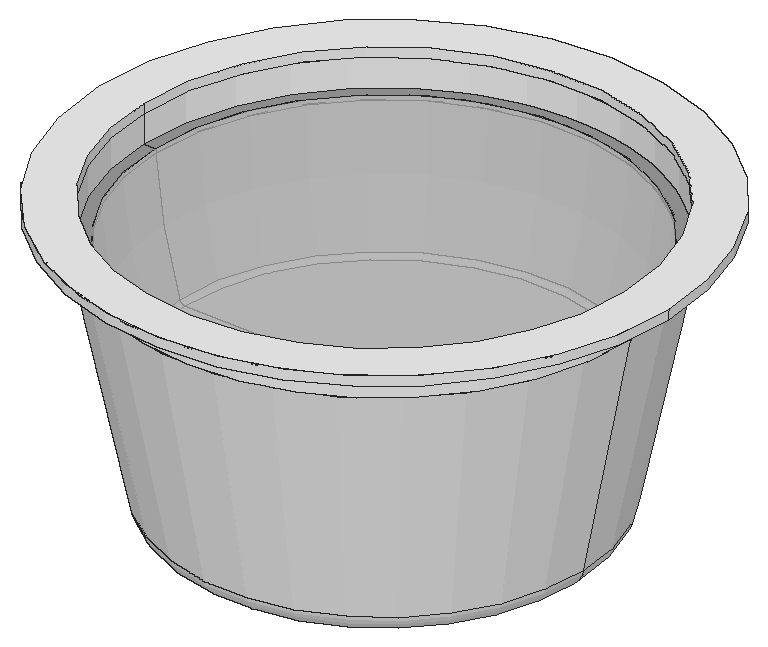
Revit family "2059219 Lighting Fixture_Sylvania_Ascent 100 Deco(160)-Very High Output_Ceiling Recessed", category Lighting Fixtures, host Face, Revit 2017
Family settings
  Host = Face
  Round Connector Dimension = Use Diameter
  Part Type = Normal
  OmniClass Number = 23.80.70.11.17
  OmniClass Title = Specialized Lighting by Location or Use
  Cut with Voids When Loaded = No
  Light Source = Yes
  Shared = No
  Room Calculation Point = No
Parameters (values of type "Asct100 Deco VHO 4K STDEMG 160")
  Reflector Radius = Radius - 14.5 mm  # 80.0 mm
  Reflector Material = Aluminium_Sylvania_Ascent_Silver
  Radius = 94.5 mm
  Life = "50 000h"  # constant formula
  IP Rating = "IP44"  # constant formula
  IK Rating = "IK02"  # constant formula
  Height = 94.0 mm
  Wattage = 1.56845 W
  built-in parameter 1150110 = 1 (stored number, unit not read)
  Voltage Comments = "UNV (Universal Voltage; 220-240 Volt)"  # constant formula
  Voltage = 240 V  # constant formula
  URL = "https://www.sylvania-lighting.com/"
  built-in parameter 1114217 = 1 (stored number, unit not read)
  Tilt Angle = -90°
  built-in parameter 1150109 = 1 (stored number, unit not read)
  built-in parameter 1150134 = 12
  built-in parameter 1150113 = 1 (stored number, unit not read)
  Product Page URL = "https://www.sylvania-lighting.com/product/en-int/products/2059219"
  Product Family = "Ascent 100 Deco (160) - Very High Output"  # constant formula
  Photometry Comments = ""
  Photometric Web File = "2059219_Asct100DecoVHO4KSTDEMG160-190199.ies"
  Glow Wire Test = 850 °C
  Emit from Circle Diameter = 2 * Diffuser Radius  # 152.0 mm
  Emit Shape Visible in Rendering = no
  Drive Current = "1000mA"  # constant formula
  Diffuser Radius = Reflector Radius - 4.0 mm  # 76.0 mm
  Diffuser Material = Polycarbonate_Sylvania_Ascent_Clear
  Diameter = 2 * Radius  # 189.0 mm
  Cutout Diameter = Diameter - 11.0 mm  # 178.0 mm
  built-in parameter 1114216 [instance] = 1 (stored number, unit not read)
  Model = "Asct100 Deco VHO 4K STDEMG 160"
  Manufacturer = "Feilo-Sylvania Group"
  built-in parameter 1150105 = 79.472 (stored number, unit not read)
  Lumens = 169 lm
  built-in parameter 1150115 = 1 (stored number, unit not read)
  built-in parameter 1150137 = (empty or 0)
  built-in parameter 1150139 = (empty or 0)
  built-in parameter 1150112 = 1 (stored number, unit not read)
  built-in parameter 1150114 = 1 (stored number, unit not read)
  Lamp = "Integrated LED"
  built-in parameter 1150132 = 2
  built-in parameter 1150102 = (empty or 0)
  built-in parameter 1150107 = 4000 (stored number, unit not read)
  built-in parameter 1150138 = (empty or 0)
  built-in parameter 1150106 = 0.79472 (stored number, unit not read)
  Body Material = Aluminum_Sylvania_Ascent_White
  built-in parameter 1150104 = 10.01 (stored number, unit not read)
  Dimming Lamp Color Temperature Shift = <None>
  Description = "Direct LED retro fit for original LED 100 Deco (160) single CFL lamp offering Matching lumen levels and improved light distribution of original LED 100 CFL lamp equivalents Typically half the power consumption compared to CFL Up to 112lm/W 160mm aperture Decorative reflector accepts snap fit polycarbonate accessories from existing LED 100 Deco 160 offering New kometa accessory ring creates a diffused indirect halo of light onto the ceiling for decorative effect HE, HO and VHO versions equivalent of single 1 x 18W, 1 x 32W, 1 x 42W Additional VVHO versions which offer the performance circa 2 x 32W equivalent"  # constant formula
  Default Elevation = 0.0 mm
  Color Filter = 16777215
  Catalog Number = "2059219 Asct100 Deco VHO 4K STDEMG 160"
  built-in parameter 1140040 [instance] = 1
  built-in parameter 1114218 = 1 (stored number, unit not read)
  built-in parameter 1150133 = 10 (stored number, unit not read)
  Assembly Code = "D5020200"
  Apparent Load Comments = ""
  Apparent Load = 25 VA
  Aperture = 2 * Reflector Radius  # 160.0 mm
Reference planes
  plane 1 "Center (Front/Back)": y = 0
  plane 2: z = 0
  plane 3 "Center (Left/Right)": x = 0
  plane 4 "Fixture Bottom": z = 3
  plane 5: z = -53.5
  plane 6 "Fixture Top": z = -91
  plane 7: z = -9
  plane 8: z = -10.5
Forms (mm)
  Extrusion 1, solid, material "Aluminum_Sylvania_Ascent_White" <- "Body Material", detail levels fine
    sketch origin (0, 0, 0) x (1, 0, 0) y (0, 1, 0)
      loop
        circle (0, 0) r 94.5
      loop
        circle (0, 0) r 80
    from 0 to 3
  Extrusion 2, void
    sketch origin (0, 0, 0) x (1, 0, 0) y (0, 1, 0)
      loop
        circle (0, 0) r 89
    from -91 to 3
  Revolve 3, solid, material "Aluminum_Sylvania_Ascent_White" <- "Body Material", detail levels fine
    sketch origin (0, 0, 0) x (1, 0, 0) y (0, 0, 1)
      loop
        line (0, -89) -> (-58.456, -89)
        arc (-58.456, -89) -> (-62.232, -87.663) -> (-64.324, -84.247) r 6
        line (-64.324, -84.247) -> (-80, -10.5) -> (-80, 0) -> (-82.009, 0) -> (-82.009, -10.5) -> (-66.245, -84.663)
        arc (-66.245, -84.663) -> (-63.454, -89.217) -> (-58.42, -91) r 8
        line (-58.42, -91) -> (0, -91) -> (0, -89)
      axis (0, 0) -> (0, -91)
    angle from 0 to 360
  Revolve 4, solid, material "Aluminium_Sylvania_Ascent_Silver" <- "Reflector Material", detail levels fine
    sketch origin (0, 0, 0) x (1, 0, 0) y (0, 0, 1)
      loop
        line (-80, -9) -> (-80, -10.5) -> (-77, -10.5)
        arc (-77, -10.5) -> (-74.319, -31.239) -> (-68.971, -51.454) r 160.868
        arc (-68.971, -51.454) -> (-67.878, -52.935) -> (-66.127, -53.5) r 3
        line (-66.127, -53.5) -> (-58, -53.5)
        arc (-58, -53.5) -> (-56.855, -62.037) -> (-53.5, -69.971) r 32.394
        line (-53.5, -69.971) -> (0, -69.971) -> (0, -52.5) -> (-66.127, -52.5)
        arc (-66.127, -52.5) -> (-67.294, -52.124) -> (-68.023, -51.136) r 2
        arc (-68.023, -51.136) -> (-73.335, -31.062) -> (-76, -10.468) r 159.868
        line (-76, -10.468) -> (-76, -9) -> (-80, -9)
      axis (0, -9) -> (0, -69.971)
    angle from 0 to 360
  Extrusion 5, solid, material "Polycarbonate_Sylvania_Ascent_Clear" <- "Diffuser Material", detail levels fine
    sketch origin (0, 0, 0) x (1, 0, 0) y (0, 1, 0)
      loop
        circle (0, 0) r 76
    from -10.5 to -9
  Revolve 6, solid, material "Aluminum_Sylvania_Ascent_White" <- "Body Material", detail levels coarse+medium
    sketch origin (0, 0, 0) x (1, 0, 0) y (0, 0, 1)
      loop
        line (0, 3) -> (-94.5, 3) -> (-94.5, 0) -> (-82.009, 0) -> (-82.009, -10.5) -> (-66.245, -84.663)
        arc (-66.245, -84.663) -> (-63.454, -89.217) -> (-58.42, -91) r 8
        line (-58.42, -91) -> (0, -91) -> (0, 3)
      axis (0, 3) -> (0, -91)
    angle from 0 to 360
Cuts and joins
  joined: Extrusion 1, Revolve 3
Dimensions and locks
  plane 4 "Fixture Bottom" to plane 2 to plane 7 to plane 8 to plane 5 = 3.0 mm locked, 9.0 mm locked, 1.5 mm locked, 43.0 mm locked
  "Height": plane 4 "Fixture Bottom" to plane 6 "Fixture Top"
  "Reflector Radius": plane 3 "Center (Left/Right)" to Revolve 4 sketch curve
  "Reflector Radius": plane 3 "Center (Left/Right)" to Revolve 3 sketch curve
  locked: Revolve 3 sketch curve to Revolve 3 sketch curve at 2.009
  Revolve 4 sketch curve to Revolve 4 sketch curve = 4.0 mm
  Revolve 4 sketch curve to Revolve 4 sketch curve = 1.0 mm
  Revolve 4 sketch curve to Revolve 4 sketch curve to Revolve 4 sketch curve to Revolve 4 sketch curve to Revolve 4 sketch curve = 11.029 mm locked, 2.844 mm locked, 8.127 mm locked, 4.5 mm locked
  Revolve 3 sketch curve to Revolve 3 sketch curve to Revolve 3 sketch curve = 13.755 mm locked, 7.825 mm locked
  "Radius": plane 3 "Center (Left/Right)" to Revolve 6 sketch curve
  Revolve 6 sketch curve to Revolve 6 sketch curve to Revolve 6 sketch curve = 7.825 mm locked, 28.255 mm locked
  "Cutout Diameter": diameter of Extrusion 2 sketch curve
  "Reflector Radius": radius of Extrusion 1 sketch curve
  "Diffuser Radius": radius of Extrusion 5 sketch curve
  "Radius": radius of Extrusion 1 sketch curve
  aligned and locked: host face to plane 2
  aligned and locked: host face to level
  aligned and locked: plane 1 "Center (Front/Back)" to imposter light
  aligned and locked: plane 3 "Center (Left/Right)" to imposter light
  aligned and locked: plane 4 "Fixture Bottom" to Extrusion 1
  aligned and locked: Extrusion 1 to plane 2
  aligned and locked: Revolve 3 sketch curve to plane 3 "Center (Left/Right)"  (x2)
  aligned and locked: Revolve 4 sketch curve to plane 3 "Center (Left/Right)"  (x2)
  aligned and locked: plane 2 to Revolve 3 sketch curve
  aligned and locked: plane 6 "Fixture Top" to Extrusion 2
  aligned and locked: Revolve 3 sketch curve to plane 2
  aligned and locked: plane 8 to Revolve 3 sketch curve  (x2)
  aligned and locked: plane 7 to Revolve 4 sketch curve
  aligned and locked: Revolve 4 sketch curve to plane 8
  aligned and locked: imposter light to Extrusion 2
  aligned and locked: plane 7 to Extrusion 5
  aligned and locked: Extrusion 5 to plane 8
  aligned and locked: imposter light to plane 4 "Fixture Bottom"
  aligned and locked: Revolve 3 sketch curve to plane 6 "Fixture Top"
  aligned and locked: Revolve 6 sketch curve to plane 4 "Fixture Bottom"
Automatic sketch dimensions
  plane 1 "Center (Front/Back)" to Extrusion 2 sketch curve = 0.0 mm
  Extrusion 2 sketch curve to plane 3 "Center (Left/Right)" = 0.0 mm
  Extrusion 1 sketch curve to Extrusion 1 sketch curve = 0.0 mm  (x2)
  plane 1 "Center (Front/Back)" to Extrusion 1 sketch curve = 0.0 mm
  Extrusion 1 sketch curve to plane 3 "Center (Left/Right)" = 0.0 mm
  plane 1 "Center (Front/Back)" to Extrusion 5 sketch curve = 0.0 mm
  Extrusion 5 sketch curve to plane 3 "Center (Left/Right)" = 0.0 mm
  host sketch curve to host sketch curve = 1368.192 mm
  host sketch curve to host sketch curve = 1600.367 mm
  Revolve 4 sketch curve to plane 5 = 0.0 mm
  Revolve 4 sketch curve to plane 5 = 16.471 mm
  plane 8 to Revolve 4 sketch curve = 0.032 mm
  Revolve 4 sketch curve to Revolve 4 sketch curve = 0.0 mm  (x5)
  Revolve 4 sketch curve to level = 0.289 mm
  Revolve 4 sketch curve to Revolve 4 sketch curve = 2.387 mm
  plane 4 "Fixture Bottom" to Revolve 4 sketch curve = 9.642 mm
  Revolve 4 sketch curve to Revolve 4 sketch curve = 0.948 mm
  Revolve 3 sketch curve to plane 6 "Fixture Top" = 6.753 mm
  Revolve 3 sketch curve to plane 6 "Fixture Top" = 2.0 mm
  Revolve 3 sketch curve to plane 6 "Fixture Top" = 6.337 mm
  Revolve 3 sketch curve to Revolve 3 sketch curve = 1.921 mm
  Revolve 3 sketch curve to Revolve 3 sketch curve = 0.036 mm
  plane 6 "Fixture Top" to Revolve 3 sketch curve = 33.569 mm
  plane 4 "Fixture Bottom" to Revolve 3 sketch curve = 82.431 mm
  Revolve 6 sketch curve to plane 8 = 0.0 mm
  Revolve 6 sketch curve to plane 6 "Fixture Top" = 0.0 mm
  Revolve 6 sketch curve to plane 6 "Fixture Top" = 6.337 mm
  Revolve 6 sketch curve to plane 3 "Center (Left/Right)" = 0.0 mm
  Revolve 6 sketch curve to Revolve 6 sketch curve = 12.491 mm
  plane 6 "Fixture Top" to Revolve 6 sketch curve = 33.569 mm
  plane 4 "Fixture Bottom" to Revolve 6 sketch curve = 82.431 mm
  plane 3 "Center (Left/Right)" to Revolve 6 sketch curve = 0.0 mm
  Revolve 6 sketch curve to level = 0.0 mm
Connectors
  electrical at (0, 0, -91), driven by "Voltage", driven by "Apparent Load"
    settings: index 1, voltage 240 V, apparent load 0 VA, apparent load phase1 25 VA, apparent load phase2 0 VA, apparent load phase3 0 VA, power factor 1, load classification "Lighting", number of poles 1, system type 31, power factor state 1, is connector primary yes, connector utility no, sub classification motor no, connector description ""
